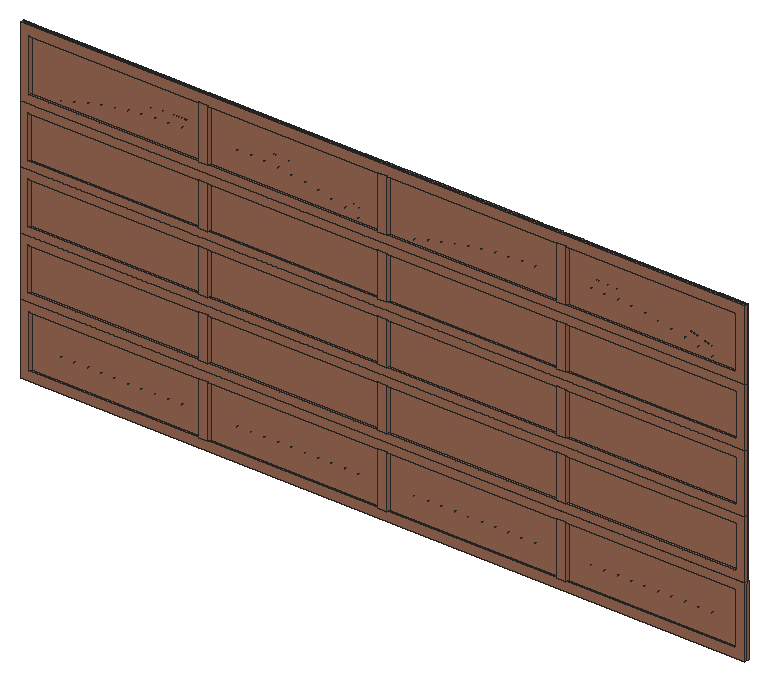
Revit family "GDBL E VERT ARCH ()(Recovery)", category Doors, host Wall, Revit 2013 (continued)
Automatic sketch dimensions
  Extrusion 188 sketch curve to Extrusion 188 sketch curve = 4 mm  (x2)
  host wall to Extrusion 189 sketch curve = 0 mm
  plane 26 to Extrusion 189 sketch curve = 241.213 mm
  host wall to Extrusion 189 sketch curve = 3.5 mm
  Extrusion 189 sketch curve to Extrusion 189 sketch curve = 4 mm  (x2)
  host wall to Extrusion 190 sketch curve = 0 mm
  Extrusion 190 sketch curve to plane 26 = 233.212 mm
  host wall to Extrusion 190 sketch curve = 3.5 mm
  Extrusion 190 sketch curve to Extrusion 190 sketch curve = 4 mm  (x2)
  host wall to Extrusion 191 sketch curve = 0 mm
  Extrusion 191 sketch curve to plane 26 = 324.512 mm
  host wall to Extrusion 191 sketch curve = 3.5 mm
  Extrusion 191 sketch curve to Extrusion 191 sketch curve = 4 mm  (x2)
  host wall to Extrusion 192 sketch curve = 0 mm
  Extrusion 192 sketch curve to plane 26 = 415.812 mm
  host wall to Extrusion 192 sketch curve = 3.5 mm
  Extrusion 192 sketch curve to Extrusion 192 sketch curve = 4 mm  (x2)
  host wall to Extrusion 193 sketch curve = 0 mm
  Extrusion 193 sketch curve to plane 26 = 507.112 mm
  host wall to Extrusion 193 sketch curve = 3.5 mm
  Extrusion 193 sketch curve to Extrusion 193 sketch curve = 4 mm  (x2)
  host wall to Extrusion 194 sketch curve = 0 mm
  Extrusion 194 sketch curve to plane 26 = 598.412 mm
  host wall to Extrusion 194 sketch curve = 3.5 mm
  Extrusion 194 sketch curve to Extrusion 194 sketch curve = 4 mm  (x2)
  host wall to Extrusion 195 sketch curve = 0 mm
  Extrusion 195 sketch curve to plane 2 "Center (Left/Right)" = 515.288 mm
  host wall to Extrusion 195 sketch curve = 3.5 mm
  Extrusion 195 sketch curve to Extrusion 195 sketch curve = 4 mm  (x2)
  host wall to Extrusion 196 sketch curve = 0 mm
  Extrusion 196 sketch curve to plane 2 "Center (Left/Right)" = 423.988 mm
  host wall to Extrusion 196 sketch curve = 3.5 mm
  Extrusion 196 sketch curve to Extrusion 196 sketch curve = 4 mm  (x2)
  host wall to Extrusion 197 sketch curve = 0 mm
  Extrusion 197 sketch curve to plane 2 "Center (Left/Right)" = 332.688 mm
  host wall to Extrusion 197 sketch curve = 3.5 mm
  Extrusion 197 sketch curve to Extrusion 197 sketch curve = 4 mm  (x2)
  host wall to Extrusion 198 sketch curve = 0 mm
  Extrusion 198 sketch curve to plane 2 "Center (Left/Right)" = 241.388 mm
  host wall to Extrusion 198 sketch curve = 3.5 mm
  Extrusion 198 sketch curve to Extrusion 198 sketch curve = 4 mm  (x2)
  host wall to Extrusion 199 sketch curve = 0 mm
  Extrusion 199 sketch curve to plane 3 "Left" = 263.387 mm
  host wall to Extrusion 199 sketch curve = 3.5 mm
  Extrusion 199 sketch curve to Extrusion 199 sketch curve = 4 mm  (x2)
  host wall to Extrusion 200 sketch curve = 0 mm
  Extrusion 200 sketch curve to plane 3 "Left" = 354.687 mm
  host wall to Extrusion 200 sketch curve = 3.5 mm
  Extrusion 200 sketch curve to Extrusion 200 sketch curve = 4 mm  (x2)
  host wall to Extrusion 201 sketch curve = 0 mm
  Extrusion 201 sketch curve to plane 3 "Left" = 445.987 mm
  host wall to Extrusion 201 sketch curve = 3.5 mm
  Extrusion 201 sketch curve to Extrusion 201 sketch curve = 4 mm  (x2)
  host wall to Extrusion 202 sketch curve = 0 mm
  Extrusion 202 sketch curve to plane 3 "Left" = 537.287 mm
  host wall to Extrusion 202 sketch curve = 3.5 mm
  Extrusion 202 sketch curve to Extrusion 202 sketch curve = 4 mm  (x2)
  host wall to Extrusion 203 sketch curve = 0 mm
  plane 26 to Extrusion 203 sketch curve = 606.413 mm
  host wall to Extrusion 203 sketch curve = 3.5 mm
  Extrusion 203 sketch curve to Extrusion 203 sketch curve = 4 mm  (x2)
  host wall to Extrusion 204 sketch curve = 0 mm
  plane 26 to Extrusion 204 sketch curve = 515.113 mm
  host wall to Extrusion 204 sketch curve = 3.5 mm
  Extrusion 204 sketch curve to Extrusion 204 sketch curve = 4 mm  (x2)
  host wall to Extrusion 205 sketch curve = 0 mm
  plane 26 to Extrusion 205 sketch curve = 423.813 mm
  host wall to Extrusion 205 sketch curve = 3.5 mm
  Extrusion 205 sketch curve to Extrusion 205 sketch curve = 4 mm  (x2)
  host wall to Extrusion 206 sketch curve = 0 mm
  plane 26 to Extrusion 206 sketch curve = 332.513 mm
  host wall to Extrusion 206 sketch curve = 3.5 mm
  Extrusion 206 sketch curve to Extrusion 206 sketch curve = 4 mm  (x2)
  host wall to Extrusion 207 sketch curve = 0 mm
  plane 26 to Extrusion 207 sketch curve = 241.213 mm
  host wall to Extrusion 207 sketch curve = 3.5 mm
  Extrusion 207 sketch curve to Extrusion 207 sketch curve = 4 mm  (x2)
  host wall to Extrusion 208 sketch curve = 0 mm
  Extrusion 208 sketch curve to plane 26 = 233.212 mm
  host wall to Extrusion 208 sketch curve = 3.5 mm
  Extrusion 208 sketch curve to Extrusion 208 sketch curve = 4 mm  (x2)
  host wall to Extrusion 209 sketch curve = 0 mm
  Extrusion 209 sketch curve to plane 26 = 324.512 mm
  host wall to Extrusion 209 sketch curve = 3.5 mm
  Extrusion 209 sketch curve to Extrusion 209 sketch curve = 4 mm  (x2)
  host wall to Extrusion 210 sketch curve = 0 mm
  Extrusion 210 sketch curve to plane 26 = 415.812 mm
  host wall to Extrusion 210 sketch curve = 3.5 mm
  Extrusion 210 sketch curve to Extrusion 210 sketch curve = 4 mm  (x2)
  host wall to Extrusion 211 sketch curve = 0 mm
  Extrusion 211 sketch curve to plane 26 = 507.112 mm
  host wall to Extrusion 211 sketch curve = 3.5 mm
  Extrusion 211 sketch curve to Extrusion 211 sketch curve = 4 mm  (x2)
  host wall to Extrusion 212 sketch curve = 0 mm
  Extrusion 212 sketch curve to plane 26 = 598.412 mm
  host wall to Extrusion 212 sketch curve = 3.5 mm
  Extrusion 212 sketch curve to Extrusion 212 sketch curve = 4 mm  (x2)
  host wall to Extrusion 213 sketch curve = 0 mm
  Extrusion 213 sketch curve to plane 2 "Center (Left/Right)" = 515.288 mm
  host wall to Extrusion 213 sketch curve = 3.5 mm
  Extrusion 213 sketch curve to Extrusion 213 sketch curve = 4 mm  (x2)
  host wall to Extrusion 214 sketch curve = 0 mm
  Extrusion 214 sketch curve to plane 2 "Center (Left/Right)" = 423.988 mm
  host wall to Extrusion 214 sketch curve = 3.5 mm
  Extrusion 214 sketch curve to Extrusion 214 sketch curve = 4 mm  (x2)
  host wall to Extrusion 215 sketch curve = 0 mm
  Extrusion 215 sketch curve to plane 2 "Center (Left/Right)" = 332.688 mm
  host wall to Extrusion 215 sketch curve = 3.5 mm
  Extrusion 215 sketch curve to Extrusion 215 sketch curve = 4 mm  (x2)
  host wall to Extrusion 216 sketch curve = 0 mm
  Extrusion 216 sketch curve to plane 2 "Center (Left/Right)" = 241.388 mm
  host wall to Extrusion 216 sketch curve = 3.5 mm
  Extrusion 216 sketch curve to Extrusion 216 sketch curve = 4 mm  (x2)
  host wall to Extrusion 217 sketch curve = 0 mm
  Extrusion 217 sketch curve to plane 3 "Left" = 263.387 mm
  host wall to Extrusion 217 sketch curve = 3.5 mm
  Extrusion 217 sketch curve to Extrusion 217 sketch curve = 4 mm  (x2)
  host wall to Extrusion 218 sketch curve = 0 mm
  Extrusion 218 sketch curve to plane 3 "Left" = 354.687 mm
  host wall to Extrusion 218 sketch curve = 3.5 mm
  Extrusion 218 sketch curve to Extrusion 218 sketch curve = 4 mm  (x2)
  host wall to Extrusion 219 sketch curve = 0 mm
  Extrusion 219 sketch curve to plane 3 "Left" = 445.987 mm
  host wall to Extrusion 219 sketch curve = 3.5 mm
  Extrusion 219 sketch curve to Extrusion 219 sketch curve = 4 mm  (x2)
  host wall to Extrusion 220 sketch curve = 0 mm
  Extrusion 220 sketch curve to plane 3 "Left" = 537.287 mm
  host wall to Extrusion 220 sketch curve = 3.5 mm
  Extrusion 220 sketch curve to Extrusion 220 sketch curve = 4 mm  (x2)
  host wall to Extrusion 221 sketch curve = 0 mm
  plane 26 to Extrusion 221 sketch curve = 606.413 mm
  host wall to Extrusion 221 sketch curve = 3.5 mm
  Extrusion 221 sketch curve to Extrusion 221 sketch curve = 4 mm  (x2)
  host wall to Extrusion 222 sketch curve = 0 mm
  plane 26 to Extrusion 222 sketch curve = 515.113 mm
  host wall to Extrusion 222 sketch curve = 3.5 mm
  Extrusion 222 sketch curve to Extrusion 222 sketch curve = 4 mm  (x2)
  host wall to Extrusion 223 sketch curve = 0 mm
  plane 26 to Extrusion 223 sketch curve = 423.813 mm
  host wall to Extrusion 223 sketch curve = 3.5 mm
  Extrusion 223 sketch curve to Extrusion 223 sketch curve = 4 mm  (x2)
  host wall to Extrusion 224 sketch curve = 0 mm
  plane 26 to Extrusion 224 sketch curve = 332.513 mm
  host wall to Extrusion 224 sketch curve = 3.5 mm
  Extrusion 224 sketch curve to Extrusion 224 sketch curve = 4 mm  (x2)
  host wall to Extrusion 225 sketch curve = 0 mm
  plane 26 to Extrusion 225 sketch curve = 241.213 mm
  host wall to Extrusion 225 sketch curve = 3.5 mm
  Extrusion 225 sketch curve to Extrusion 225 sketch curve = 4 mm  (x2)
  host wall to Extrusion 226 sketch curve = 0 mm
  Extrusion 226 sketch curve to plane 26 = 233.212 mm
  host wall to Extrusion 226 sketch curve = 3.5 mm
  Extrusion 226 sketch curve to Extrusion 226 sketch curve = 4 mm  (x2)
  host wall to Extrusion 227 sketch curve = 0 mm
  Extrusion 227 sketch curve to plane 26 = 324.512 mm
  host wall to Extrusion 227 sketch curve = 3.5 mm
  Extrusion 227 sketch curve to Extrusion 227 sketch curve = 4 mm  (x2)
  host wall to Extrusion 228 sketch curve = 0 mm
  Extrusion 228 sketch curve to plane 26 = 415.812 mm
  host wall to Extrusion 228 sketch curve = 3.5 mm
  Extrusion 228 sketch curve to Extrusion 228 sketch curve = 4 mm  (x2)
  host wall to Extrusion 229 sketch curve = 0 mm
  Extrusion 229 sketch curve to plane 26 = 507.112 mm
  host wall to Extrusion 229 sketch curve = 3.5 mm
  Extrusion 229 sketch curve to Extrusion 229 sketch curve = 4 mm  (x2)
  host wall to Extrusion 230 sketch curve = 0 mm
  Extrusion 230 sketch curve to plane 26 = 598.412 mm
  host wall to Extrusion 230 sketch curve = 3.5 mm
  Extrusion 230 sketch curve to Extrusion 230 sketch curve = 4 mm  (x2)
  host wall to Extrusion 231 sketch curve = 0 mm
  Extrusion 231 sketch curve to plane 2 "Center (Left/Right)" = 515.288 mm
  host wall to Extrusion 231 sketch curve = 3.5 mm
  Extrusion 231 sketch curve to Extrusion 231 sketch curve = 4 mm  (x2)
  host wall to Extrusion 232 sketch curve = 0 mm
  Extrusion 232 sketch curve to plane 2 "Center (Left/Right)" = 423.988 mm
  host wall to Extrusion 232 sketch curve = 3.5 mm
  Extrusion 232 sketch curve to Extrusion 232 sketch curve = 4 mm  (x2)
  host wall to Extrusion 233 sketch curve = 0 mm
  Extrusion 233 sketch curve to plane 2 "Center (Left/Right)" = 332.688 mm
  host wall to Extrusion 233 sketch curve = 3.5 mm
  Extrusion 233 sketch curve to Extrusion 233 sketch curve = 4 mm  (x2)
  host wall to Extrusion 234 sketch curve = 0 mm
  Extrusion 234 sketch curve to plane 2 "Center (Left/Right)" = 241.388 mm
  host wall to Extrusion 234 sketch curve = 3.5 mm
  Extrusion 234 sketch curve to Extrusion 234 sketch curve = 4 mm  (x2)
  host wall to Extrusion 235 sketch curve = 0 mm
  Extrusion 235 sketch curve to plane 3 "Left" = 354.687 mm
  host wall to Extrusion 235 sketch curve = 3.5 mm
  Extrusion 235 sketch curve to Extrusion 235 sketch curve = 4 mm  (x2)
  host wall to Extrusion 236 sketch curve = 0 mm
  Extrusion 236 sketch curve to plane 3 "Left" = 445.987 mm
  host wall to Extrusion 236 sketch curve = 3.5 mm
  Extrusion 236 sketch curve to Extrusion 236 sketch curve = 4 mm  (x2)
  host wall to Extrusion 237 sketch curve = 0 mm
  Extrusion 237 sketch curve to plane 3 "Left" = 537.287 mm
  host wall to Extrusion 237 sketch curve = 3.5 mm
  Extrusion 237 sketch curve to Extrusion 237 sketch curve = 4 mm  (x2)
  host wall to Extrusion 238 sketch curve = 0 mm
  plane 26 to Extrusion 238 sketch curve = 606.413 mm
  host wall to Extrusion 238 sketch curve = 3.5 mm
  Extrusion 238 sketch curve to Extrusion 238 sketch curve = 4 mm  (x2)
  host wall to Extrusion 239 sketch curve = 0 mm
  plane 26 to Extrusion 239 sketch curve = 515.113 mm
  host wall to Extrusion 239 sketch curve = 3.5 mm
  Extrusion 239 sketch curve to Extrusion 239 sketch curve = 4 mm  (x2)
  host wall to Extrusion 240 sketch curve = 0 mm
  plane 26 to Extrusion 240 sketch curve = 423.813 mm
  host wall to Extrusion 240 sketch curve = 3.5 mm
  Extrusion 240 sketch curve to Extrusion 240 sketch curve = 4 mm  (x2)
  host wall to Extrusion 241 sketch curve = 0 mm
  plane 26 to Extrusion 241 sketch curve = 332.513 mm
  host wall to Extrusion 241 sketch curve = 3.5 mm
  Extrusion 241 sketch curve to Extrusion 241 sketch curve = 4 mm  (x2)
  host wall to Extrusion 242 sketch curve = 0 mm
  plane 26 to Extrusion 242 sketch curve = 241.213 mm
  host wall to Extrusion 242 sketch curve = 3.5 mm
  Extrusion 242 sketch curve to Extrusion 242 sketch curve = 4 mm  (x2)
  host wall to Extrusion 243 sketch curve = 0 mm
  Extrusion 243 sketch curve to plane 2 "Center (Left/Right)" = 241.388 mm
  host wall to Extrusion 243 sketch curve = 3.5 mm
  Extrusion 243 sketch curve to Extrusion 243 sketch curve = 4 mm  (x2)
  host wall to Extrusion 244 sketch curve = 0 mm
  Extrusion 244 sketch curve to plane 2 "Center (Left/Right)" = 423.988 mm
  host wall to Extrusion 244 sketch curve = 3.5 mm
  Extrusion 244 sketch curve to Extrusion 244 sketch curve = 4 mm  (x2)
  host wall to Extrusion 245 sketch curve = 0 mm
  Extrusion 245 sketch curve to plane 2 "Center (Left/Right)" = 515.288 mm
  host wall to Extrusion 245 sketch curve = 3.5 mm
  Extrusion 245 sketch curve to Extrusion 245 sketch curve = 4 mm  (x2)
  host wall to Extrusion 246 sketch curve = 0 mm
  Extrusion 246 sketch curve to plane 26 = 598.412 mm
  host wall to Extrusion 246 sketch curve = 3.5 mm
  Extrusion 246 sketch curve to Extrusion 246 sketch curve = 4 mm  (x2)
  host wall to Extrusion 247 sketch curve = 0 mm
  Extrusion 247 sketch curve to plane 2 "Center (Left/Right)" = 324.688 mm
  host wall to Extrusion 247 sketch curve = 3.5 mm
  Extrusion 247 sketch curve to Extrusion 247 sketch curve = 4 mm  (x2)
  host wall to Extrusion 248 sketch curve = 0 mm
  Extrusion 248 sketch curve to plane 26 = 515.112 mm
  host wall to Extrusion 248 sketch curve = 3.5 mm
  Extrusion 248 sketch curve to Extrusion 248 sketch curve = 4 mm  (x2)
  host wall to Extrusion 249 sketch curve = 0 mm
  Extrusion 249 sketch curve to plane 26 = 423.812 mm
  host wall to Extrusion 249 sketch curve = 3.5 mm
  Extrusion 249 sketch curve to Extrusion 249 sketch curve = 4 mm  (x2)
  host wall to Extrusion 250 sketch curve = 0 mm
  Extrusion 250 sketch curve to plane 26 = 332.512 mm
  host wall to Extrusion 250 sketch curve = 3.5 mm
  Extrusion 250 sketch curve to Extrusion 250 sketch curve = 4 mm  (x2)
  host wall to Extrusion 251 sketch curve = 0 mm
  Extrusion 251 sketch curve to plane 26 = 241.212 mm
  host wall to Extrusion 251 sketch curve = 3.5 mm
  Extrusion 251 sketch curve to Extrusion 251 sketch curve = 4 mm  (x2)
  host wall to Extrusion 252 sketch curve = 0 mm
  Extrusion 252 sketch curve to plane 3 "Left" = 271.387 mm
  host wall to Extrusion 252 sketch curve = 3.5 mm
  Extrusion 252 sketch curve to Extrusion 252 sketch curve = 4 mm  (x2)
  Sweep 253 sketch curve to plane 25 = 1 mm
  plane 19 to Sweep 253 sketch curve = 1 mm
  Sweep 253 sketch curve to plane 2 "Center (Left/Right)" = 142.5 mm
  Sweep 253 sketch curve to plane 24 = 1 mm
  Sweep 253 sketch curve to plane 26 = 217.325 mm
  Sweep 253 sketch curve to level = 642.15 mm
  Sweep 253 sketch curve to plane 16 "Front Garage" = 0 mm
  profile plane to Sweep 253 sketch curve = 5 mm
  profile plane to Sweep 253 sketch curve = 1 mm
  Sweep 253 sketch curve to plane 16 "Front Garage" = 3.5 mm
  Sweep 253 sketch curve to profile plane = 3 mm
  Sweep 254 sketch curve to plane 25 = 1 mm
  plane 26 to Sweep 254 sketch curve = 142.5 mm
  Sweep 254 sketch curve to plane 24 = 1 mm
  plane 19 to Sweep 254 sketch curve = 1 mm
  plane 26 to Sweep 254 sketch curve = 217.325 mm
  Sweep 254 sketch curve to level = 642.15 mm
  Sweep 254 sketch curve to plane 16 "Front Garage" = 3.5 mm
  Sweep 254 sketch curve to profile plane = 1 mm
  Sweep 254 sketch curve to plane 16 "Front Garage" = 0 mm
  Sweep 254 sketch curve to Sweep 254 sketch curve = 4 mm  (x2)
Nested families
  nested 1: "Twist Handle1" at (1275, -75, 126.104) x (-1, 0, 0) z (0, 0, 1), type "Twist Handle"
    with Handle Height 989.896 mm
  nested 2: "Twist Handle1" at (1135, -75, 126.104), type "Twist Handle"
    with Handle Height 989.896 mm
  nested 3: "Nut Type 01" at (2220.557, -75, 220.213), type "Nut Type 01"
  nested 4: "Nut Type 01" at (2126.963, -75, 220.213), type "Nut Type 01"
  nested 5: "Nut Type 01" at (2035.663, -75, 220.213), type "Nut Type 01"
  nested 6: "Nut Type 01" at (1944.363, -75, 220.213), type "Nut Type 01"
  nested 7: "Nut Type 01" at (1853.063, -75, 220.213), type "Nut Type 01"
  nested 8: "Nut Type 01" at (1758.063, -75, 220.213), type "Nut Type 01"
  nested 9: "Nut Type 01" at (1670.463, -75, 220.213), type "Nut Type 01"
  nested 10: "Nut Type 01" at (1579.163, -75, 220.213), type "Nut Type 01"
  nested 11: "Nut Type 01" at (1487.863, -75, 220.213), type "Nut Type 01"
  nested 12: "Nut Type 01" at (1394.357, -75, 220.213), type "Nut Type 01"
  nested 13: "Nut Type 01" at (2220.557, -75, 1784.821), type "Nut Type 01"
  nested 14: "Nut Type 01" at (2126.938, -75, 1812.378), type "Nut Type 01"
  nested 15: "Nut Type 01" at (2035.625, -75, 1835.81), type "Nut Type 01"
  nested 16: "Nut Type 01" at (1944.313, -75, 1855.931), type "Nut Type 01"
  nested 17: "Nut Type 01" at (1853.001, -75, 1872.813), type "Nut Type 01"
  nested 18: "Nut Type 01" at (1761.69, -75, 1886.518), type "Nut Type 01"
  nested 19: "Nut Type 01" at (1670.379, -75, 1897.093), type "Nut Type 01"
  nested 20: "Nut Type 01" at (1579.068, -75, 1904.575), type "Nut Type 01"
  nested 21: "Nut Type 01" at (1487.757, -75, 1908.989), type "Nut Type 01"
  nested 22: "Nut Type 01" at (1394.24, -75, 1910.345), type "Nut Type 01"
  nested 23: "Nut Type 01" at (189.443, -75, 220.213) x (-1, 0, 0) z (0, 0, 1), type "Nut Type 01"
  nested 24: "Nut Type 01" at (283.037, -75, 220.213) x (-1, 0, 0) z (0, 0, 1), type "Nut Type 01"
  nested 25: "Nut Type 01" at (374.337, -75, 220.213) x (-1, 0, 0) z (0, 0, 1), type "Nut Type 01"
  nested 26: "Nut Type 01" at (465.637, -75, 220.213) x (-1, 0, 0) z (0, 0, 1), type "Nut Type 01"
  nested 27: "Nut Type 01" at (556.937, -75, 220.213) x (-1, 0, 0) z (0, 0, 1), type "Nut Type 01"
  nested 28: "Nut Type 01" at (651.937, -75, 220.213) x (-1, 0, 0) z (0, 0, 1), type "Nut Type 01"
  nested 29: "Nut Type 01" at (739.537, -75, 220.213) x (-1, 0, 0) z (0, 0, 1), type "Nut Type 01"
  nested 30: "Nut Type 01" at (830.837, -75, 220.213) x (-1, 0, 0) z (0, 0, 1), type "Nut Type 01"
  nested 31: "Nut Type 01" at (922.137, -75, 220.213) x (-1, 0, 0) z (0, 0, 1), type "Nut Type 01"
  nested 32: "Nut Type 01" at (1015.643, -75, 220.213) x (-1, 0, 0) z (0, 0, 1), type "Nut Type 01"
  nested 33: "Nut Type 01" at (189.443, -75, 1784.821) x (-1, 0, 0) z (0, 0, 1), type "Nut Type 01"
  nested 34: "Nut Type 01" at (283.062, -75, 1812.378) x (-1, 0, 0) z (0, 0, 1), type "Nut Type 01"
  nested 35: "Nut Type 01" at (374.375, -75, 1835.81) x (-1, 0, 0) z (0, 0, 1), type "Nut Type 01"
  nested 36: "Nut Type 01" at (465.687, -75, 1855.931) x (-1, 0, 0) z (0, 0, 1), type "Nut Type 01"
  nested 37: "Nut Type 01" at (556.999, -75, 1872.813) x (-1, 0, 0) z (0, 0, 1), type "Nut Type 01"
  nested 38: "Nut Type 01" at (648.31, -75, 1886.518) x (-1, 0, 0) z (0, 0, 1), type "Nut Type 01"
  nested 39: "Nut Type 01" at (739.621, -75, 1897.093) x (-1, 0, 0) z (0, 0, 1), type "Nut Type 01"
  nested 40: "Nut Type 01" at (830.932, -75, 1904.575) x (-1, 0, 0) z (0, 0, 1), type "Nut Type 01"
  nested 41: "Nut Type 01" at (922.243, -75, 1908.989) x (-1, 0, 0) z (0, 0, 1), type "Nut Type 01"
  nested 42: "Nut Type 01" at (1015.76, -75, 1910.345) x (-1, 0, 0) z (0, 0, 1), type "Nut Type 01"
  nested 43: "Twist Handle1" at (-1275, -75, 126.104), type "Twist Handle"
    with Handle Height 989.896 mm
  nested 44: "Twist Handle1" at (-1135, -75, 126.104) x (-1, 0, 0) z (0, 0, 1), type "Twist Handle"
    with Handle Height 989.896 mm
  nested 45: "Nut Type 01" at (-2220.557, -75, 220.213) x (-1, 0, 0) z (0, 0, 1), type "Nut Type 01"
  nested 46: "Nut Type 01" at (-2126.963, -75, 220.213) x (-1, 0, 0) z (0, 0, 1), type "Nut Type 01"
  nested 47: "Nut Type 01" at (-2035.663, -75, 220.213) x (-1, 0, 0) z (0, 0, 1), type "Nut Type 01"
  nested 48: "Nut Type 01" at (-1944.363, -75, 220.213) x (-1, 0, 0) z (0, 0, 1), type "Nut Type 01"
  nested 49: "Nut Type 01" at (-1853.063, -75, 220.213) x (-1, 0, 0) z (0, 0, 1), type "Nut Type 01"
  nested 50: "Nut Type 01" at (-1758.063, -75, 220.213) x (-1, 0, 0) z (0, 0, 1), type "Nut Type 01"
  nested 51: "Nut Type 01" at (-1670.463, -75, 220.213) x (-1, 0, 0) z (0, 0, 1), type "Nut Type 01"
  nested 52: "Nut Type 01" at (-1579.163, -75, 220.213) x (-1, 0, 0) z (0, 0, 1), type "Nut Type 01"
  nested 53: "Nut Type 01" at (-1487.863, -75, 220.213) x (-1, 0, 0) z (0, 0, 1), type "Nut Type 01"
  nested 54: "Nut Type 01" at (-1394.357, -75, 220.213) x (-1, 0, 0) z (0, 0, 1), type "Nut Type 01"
  nested 55: "Nut Type 01" at (-2220.557, -75, 1784.821) x (-1, 0, 0) z (0, 0, 1), type "Nut Type 01"
  nested 56: "Nut Type 01" at (-2126.938, -75, 1812.378) x (-1, 0, 0) z (0, 0, 1), type "Nut Type 01"
  nested 57: "Nut Type 01" at (-2035.625, -75, 1835.81) x (-1, 0, 0) z (0, 0, 1), type "Nut Type 01"
  nested 58: "Nut Type 01" at (-1944.313, -75, 1855.931) x (-1, 0, 0) z (0, 0, 1), type "Nut Type 01"
  nested 59: "Nut Type 01" at (-1853.001, -75, 1872.813) x (-1, 0, 0) z (0, 0, 1), type "Nut Type 01"
  nested 60: "Nut Type 01" at (-1761.69, -75, 1886.518) x (-1, 0, 0) z (0, 0, 1), type "Nut Type 01"
  nested 61: "Nut Type 01" at (-1670.379, -75, 1897.093) x (-1, 0, 0) z (0, 0, 1), type "Nut Type 01"
  nested 62: "Nut Type 01" at (-1579.068, -75, 1904.575) x (-1, 0, 0) z (0, 0, 1), type "Nut Type 01"
  nested 63: "Nut Type 01" at (-1487.757, -75, 1908.989) x (-1, 0, 0) z (0, 0, 1), type "Nut Type 01"
  nested 64: "Nut Type 01" at (-1394.24, -75, 1910.345) x (-1, 0, 0) z (0, 0, 1), type "Nut Type 01"
  nested 65: "Nut Type 01" at (-189.443, -75, 220.213), type "Nut Type 01"
  nested 66: "Nut Type 01" at (-283.037, -75, 220.213), type "Nut Type 01"
  nested 67: "Nut Type 01" at (-374.337, -75, 220.213), type "Nut Type 01"
  nested 68: "Nut Type 01" at (-465.637, -75, 220.213), type "Nut Type 01"
  nested 69: "Nut Type 01" at (-556.937, -75, 220.213), type "Nut Type 01"
  nested 70: "Nut Type 01" at (-651.937, -75, 220.213), type "Nut Type 01"
  nested 71: "Nut Type 01" at (-739.537, -75, 220.213), type "Nut Type 01"
  nested 72: "Nut Type 01" at (-830.837, -75, 220.213), type "Nut Type 01"
  nested 73: "Nut Type 01" at (-922.137, -75, 220.213), type "Nut Type 01"
  nested 74: "Nut Type 01" at (-1015.643, -75, 220.213), type "Nut Type 01"
  nested 75: "Nut Type 01" at (-189.443, -75, 1784.821), type "Nut Type 01"
  nested 76: "Nut Type 01" at (-283.062, -75, 1812.378), type "Nut Type 01"
  nested 77: "Nut Type 01" at (-374.375, -75, 1835.81), type "Nut Type 01"
  nested 78: "Nut Type 01" at (-465.687, -75, 1855.931), type "Nut Type 01"
  nested 79: "Nut Type 01" at (-556.999, -75, 1872.813), type "Nut Type 01"
  nested 80: "Nut Type 01" at (-648.31, -75, 1886.518), type "Nut Type 01"
  nested 81: "Nut Type 01" at (-739.621, -75, 1897.093), type "Nut Type 01"
  nested 82: "Nut Type 01" at (-830.932, -75, 1904.575), type "Nut Type 01"
  nested 83: "Nut Type 01" at (-922.243, -75, 1908.989), type "Nut Type 01"
  nested 84: "Nut Type 01" at (-1015.76, -75, 1910.345), type "Nut Type 01"
Definition of nested family "Twist Handle1"
  Parameters (values of type "Twist Handle")
    Handle Height [instance] = 923.87 mm
    Handle Finish = none
  Reference planes
    plane 1 "Center (Front/Back)": y = 0
    plane 2: z = 0
    plane 3 "Center (Left/Right)": x = 0
    plane 4: z = 923.87
    plane 5: z = 951.37
    plane 6: z = 896.37
    plane 7: x = -27.5
    plane 8: x = 27.5
    plane 9 "Handle Center": z = 871.37
  Forms (mm)
    Extrusion 1, solid, material <- "Handle Finish"
      sketch origin (0, 0, 0) x (1, 0, 0) y (0, 0, 1)
        loop
          line (-27.5, 951.37) -> (-27.5, 896.37) -> (27.5, 896.37) -> (27.5, 951.37) -> (-27.5, 951.37)
      from 0 to 5
    Revolve 2, solid, material <- "Handle Finish"
      sketch origin (0, 0, 871.37) x (-1, 0, 0) y (0, -1, 0)
        loop
          circle (52.5, 12) r 7
        axis (0, 12) -> (0, 13)
      angle from 0 to 360
    Extrusion 3, void
      sketch origin (0, 0, 0) x (1, 0, 0) y (0, 0, 1)
        loop
          circle (0, 942.37) r 4
        loop
          circle (0, 905.37) r 4
      from 0 to 5
  Cuts and joins
    Extrusion 3 cuts Extrusion 1
  Dimensions and locks
    "Handle Height": plane 4 to plane 2
    equal spacing: plane 5, plane 4, plane 6
    equal spacing: plane 8, plane 3 "Center (Left/Right)", plane 7
    locked: plane 4 to plane 9 "Handle Center" at 52.5
    locked: plane 5 to plane 6 at 55
    locked: plane 8 to plane 7 at 55
    aligned and locked: level to plane 2
  Automatic sketch dimensions
    Extrusion 1 sketch curve to plane 6 = 0 mm
    Extrusion 1 sketch curve to plane 7 = 0 mm
    Extrusion 1 sketch curve to plane 8 = 0 mm
    Extrusion 1 sketch curve to plane 5 = 0 mm
    Revolve 2 sketch curve to plane 3 "Center (Left/Right)" = 0 mm
    Revolve 2 sketch curve to plane 7 = 25 mm
    plane 1 "Center (Front/Back)" to Revolve 2 sketch curve = 12 mm
    plane 1 "Center (Front/Back)" to Revolve 2 sketch curve = 5 mm
    Revolve 2 sketch curve to Revolve 2 sketch curve = 40 mm
    Extrusion 3 sketch curve to plane 3 "Center (Left/Right)" = 0 mm  (x2)
    Extrusion 3 sketch curve to plane 6 = 9 mm
    Extrusion 3 sketch curve to plane 5 = 9 mm
    radius of Revolve 2 sketch curve = 7 mm
    radius of Extrusion 3 sketch curve = 4 mm  (x2)
Definition of nested family "Nut Type 01"
  Parameters (values of type "Nut Type 01")
    Ironmongery Finish = none
  Reference planes
    plane 1 "Center (Front/Back)": y = 0
    plane 2: z = 0
    plane 3 "Center (Left/Right)": x = 0
    plane 4: z = 15
    plane 5: z = -15
    plane 6: x = -15
    plane 7: x = 15
    plane 8 "Front Face": y = -5
  Forms (mm)
    Extrusion 1, solid, material <- "Ironmongery Finish"
      sketch origin (0, 0, 0) x (0.707107, 0, 0.707107) y (-0.707107, 0, 0.707107)
        loop
          line (-15, 15) -> (-15, -15) -> (15, -15) -> (15, 15) -> (-15, 15)
      from 0 to 5
    Blend 2, solid, material <- "Ironmongery Finish"
      base sketch origin (0, -5, 0) x (0.707107, 0, 0.707107) y (-0.707107, 0, 0.707107)
        loop
          line (-14, 14) -> (-14, -14) -> (14, -14) -> (14, 14) -> (-14, 14)
      top sketch origin (0, -5, 0) x (0.707107, 0, 0.707107) y (-0.707107, 0, 0.707107)
        loop
          line (-2.5, 2.5) -> (-2.5, -2.5) -> (2.5, -2.5) -> (2.5, 2.5) -> (-2.5, 2.5)
      from 0 to 14
  Dimensions and locks
    aligned and locked: level to plane 2
